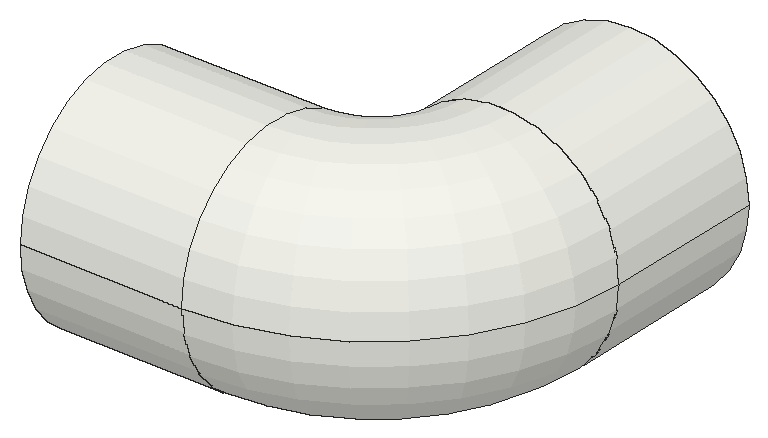
Revit family "PVC_Joelho", category Pipe Fittings, Revit 2025
Family settings
  Round Connector Dimension = Use Radius
  Part Type = Elbow
  OmniClass Number = 23.60.30.11.14
  OmniClass Title = Pipework Fittings
  Work Plane-Based = No
  Always vertical = Yes
  Cut with Voids When Loaded = No
  Shared = No
Parameters
  Tick Size [instance] = Socket Outside Diameter * 0.4  # 0.4376"
  Socket Outside Radius [instance] = Socket Outside Diameter / 2  # 0.547"
  Socket Outside Diameter Not Found [instance] = if(Angle 1 > 45.00°, 1.11 * Nominal Diameter + 69/128", 1.11 * Nominal Diameter + 143/256")  # 1.09406"
  Socket Outside Diameter [instance] = size_lookup(Lookup Table Name, "SOD", Socket Outside Diameter Not Found, Nominal Diameter, Angle 1)  # 1.094"
  Socket Length Not Found [instance] = if(Angle 1 > 45.00°, 0.45 * Nominal Diameter + 131/256", 0.49 * Nominal Diameter + 1/2")  # 0.73672"
  Loss Method = K Coefficient from Table
  Lookup Table Name = "Elbow - PVC - Sch 40"
  Length 1 [instance] = (Socket Outside Diameter / 2 + 1/32") * tan(Angle / 2) + Socket Length  # 1.32825"
  Nominal Radius [instance] = 1/4"
  Nominal Diameter [instance] = Nominal Radius * 2  # 1/2"
  K Coefficient Table = "Regular 45, 90 and 180 Elbow"
  Default Elevation = 0' - 0"
  Center to End Not Found [instance] = if(Angle 1 > 45.00°, 1 * Nominal Diameter + 179/256", 0.76 * Nominal Diameter + 39/64")  # 1 51/256"
  Center to End Label [instance] = if(Center to End > Socket Outside Diameter / 2 * tan(Angle / 2) + Socket Length, Center to End, Length 1)  # 1.32825"
  Center to End [instance] = size_lookup(Lookup Table Name, "CtE", Center to End Not Found, Nominal Diameter, Angle 1)  # 1 1/4"
  Center Radius [instance] = (Center to End Label - Socket Length) / tan(Angle / 2)  # 0.57825"
  Socket Length [instance] = size_lookup(Lookup Table Name, "SLgt", Socket Length Not Found, Nominal Diameter, Angle 1)  # 3/4"
  Assembly Code = ""
  Angle 1 [instance] = if(Angle > 45.00°, 90.00°, 45.00°)  # 90.00°
  Angle [instance] = 90.00°
Reference planes (in)
  plane 1 "Center (Front/Back)": y = 0
  plane 2: z = 0
  plane 3 "Center (Left/Right)": x = 0
  plane 4: x = -1.32825
  plane 5: x = -0.57825
  plane 6: y = 0.4376
  plane 7: y = -0.4376
  plane 8: y = 0.57825
Forms (in)
  Sweep 1, solid, material "PVC", detail levels fine
    path in 3D
      loop
        line (-1.32825, 0, 0) -> (-0.57825, 0, 0)
        arc (-0.57825, 0, 0) -> (-0.16937, 0.16937, 0) -> (0, 0.57825, 0) r 0.57825
        line (0, 0.57825, 0) -> (0, 1.32825, 0)
    profile origin (-0.95325, 0, 0) x (0, 1, 0) y (0, 0, 1)
      loop
        circle (0, 0) r 0.547
Lines and regions (in)
  model lines, detail levels coarse+medium
    curve 1: line (-1.32825, 0.4376, 0) -> (-1.32825, -0.4376, 0)
    curve 2: arc (-0.57825, 0, 0) -> (-0.16937, 0.16937, 0) -> (0, 0.57825, 0) r 0.57825
    curve 3: line (-1.32825, 0, 0) -> (-0.57825, 0, 0)
    curve 7: line (0, 0.57825, 0) -> (0, 1.32825, 0)
    curve 13: line (-0.4376, 1.32825, 0) -> (0.4376, 1.32825, 0)
  sketch lines
    curve 4: line (-1.32825, 0, 0) -> (-0.57825, 0, 0)
    curve 5: arc (-0.57825, 0, 0) -> (-0.16937, 0.16937, 0) -> (0, 0.57825, 0) r 0.57825
    curve 10: line (0, 0.57825, 0) -> (0, 1.32825, 0)
  reference lines
    curve 6: line (0, 0, 0) -> (0, 1.75, 0)
    curve 8: line (0, 0, 0) -> (1.14334, 0, 0)
    curve 9: line (-0.4376, 1.32825, 0) -> (2.02753, 1.32825, 0)
    curve 11: line (-0.4376, 0.36732, 0) -> (-0.4376, 1.86732, 0)
    curve 12: line (0.4376, 0.85859, 0) -> (0.4376, 3.44301, 0)
    curve 14: line (-0.57825, 0.57825, 0) -> (1.42175, 0.57825, 0)
Dimensions and locks (in)
  "Center to End Label": plane 4 to plane 3 "Center (Left/Right)"
  "Socket Length": plane 4 to plane 5
  equal spacing: plane 6, plane 1 "Center (Front/Back)", plane 7
  "Tick Size": plane 6 to plane 1 "Center (Front/Back)"
  "Center Radius": plane 8 to plane 1 "Center (Front/Back)"
  "Center to End Label": curve 8 to curve 9
  "Tick Size": curve 6 to curve 11
  "Tick Size": curve 12 to curve 6
  "Center Radius": radius of curve 2
  "Socket Outside Radius": radius of Sweep 1 sketch curve
  "Angle": angle curve 2 to curve 2
  "Angle": angle plane 1 "Center (Front/Back)" to curve 6
  locked: curve 8 to curve 6 (angle 90.00°)
  locked: curve 9 to curve 11 (angle 90.00°)
  locked: curve 9 to curve 12 (angle 90.00°)
  "Angle": angle plane 5 to curve 14
  aligned and locked: plane 6 to curve 1
  aligned and locked: plane 7 to curve 1
  aligned and locked: curve 1 to plane 4
  aligned and locked: plane 8 to curve 2
  aligned and locked: plane 5 to curve 2
  aligned and locked: plane 4 to curve 3
  aligned and locked: plane 5 to curve 3
  aligned and locked: plane 1 "Center (Front/Back)" to curve 3
  aligned and locked: plane 1 "Center (Front/Back)" to curve 6
  aligned and locked: plane 3 "Center (Left/Right)" to curve 6
  aligned and locked: plane 1 "Center (Front/Back)" to curve 8
  aligned and locked: plane 3 "Center (Left/Right)" to curve 8
  aligned and locked: curve 9 to curve 7
  aligned and locked: curve 6 to curve 7
  aligned and locked: curve 12 to curve 13
  aligned and locked: curve 11 to curve 13
  aligned and locked: curve 13 to curve 9
  aligned and locked: plane 8 to curve 14
  aligned and locked: plane 5 to curve 14
  aligned and locked: curve 14 to curve 7
Automatic sketch dimensions
  Sweep 1 sketch curve to profile plane = 0' - 0"  (x2)
  curve 6 to curve 11 = 0' - 0.36732"
  curve 14 to curve 12 = 0' - 0.28034"
Connectors (in)
  piping at (-1.32825, 0, 0), diameter 0.5, driven by "Nominal Radius", driven by "Angle"
    settings: on Sweep 1, index 1, connector inside diameter 1/2", connector length 0' - 0", flow factor 0, pipe flow 0 GPM, pressure drop 0.00 psi, fitting loss kfactor 0, connector angle 90.00°, fixture units 0, engagement length 0' - 0", angle of deflection 0.00°, flow configuration 0, flow direction 0, fitting loss method 0, system type 28, joint type 0, gender type 0, connector reference index 2, connector utility 0, adjustable connector no, is connector primary yes, connector description ""
  piping at (0, 1.32825, 0), diameter 0.5, driven by "Nominal Radius", driven by "Angle"
    settings: on Sweep 1, index 2, connector inside diameter 1/2", connector length 0' - 0", flow factor 0, pipe flow 0 GPM, pressure drop 0.00 psi, fitting loss kfactor 0, connector angle 90.00°, fixture units 0, engagement length 0' - 0", angle of deflection 0.00°, flow configuration 0, flow direction 0, fitting loss method 0, system type 28, joint type 0, gender type 0, connector reference index 1, connector utility 0, adjustable connector no, is connector primary no, connector description ""
